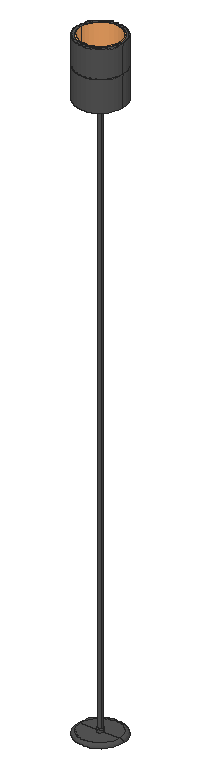
Revit family "MELO CYLINDER PENDANT LIGHT", category Lighting Fixtures, host Face, Revit 2020 (continued)
Types (16): name | Wattage_Input | Wattage Comments | Wattage | Voltage_Input | Size 08 | Size 06 | Size 04 | Selectable Wattage | Photometric Web File | Pendent Rod Length_1 | Pendent | Order number | built-in parameter 1150142 | Model | built-in parameter 1150105 | Lumens | built-in parameter 1150106 | Fixture Diameter | Canopy for Surface Mount J-box | Canopy for Recessed J-Box | Canopy Height | C2 H | C1 H | BEAMING ANGLE
  MELO06R-SP30801-10D-15-GD-BK | 40 W | "40W/30W/20W" | 28.2748 W | 0 V | no | yes | no | 40 W | "MELO06R_SP30801_10D_15.IES" | 4' - 0" | yes | "17294" | "IESNA:LM-63-2002\r\n[TEST] \r\n[TESTLAB] EVERFINE\r\n[TESTDATE] 2023-03-20\r\n[ISSUEDATE] 2023-03-20 10:19:03\r\n[NEARFIELD] \r\n[LAMPPOSITION] 0,0\r\n[OTHER] EVERFINE GO-2000B_V1 SYSTEM\r\n[MANUFAC] Aboveall lighting\r\n[LUMINAIRE] MELO06R-SP30801-10D-15\r\n[OTHER] \r\n[OTHER] Gamma(deg)    Fz(lm)      Ft(lm)     %Lum    %Lamp\r\n[OTHER]   0- 10      2083.92     2083.92    42.93    42.93\r\n[OTHER]  10- 20      1719.16     3803.08    78.34    78.34\r\n[OTHER]  20- 30       698.88     4501.95    92.74    92.74\r\n[OTHER]  30- 40       215.30     4717.25    97.17    97.17\r\n[OTHER]  40- 50        70.07     4787.32    98.62    98.62\r\n[OTHER]  50- 60        24.62     4811.95    99.13    99.13\r\n[OTHER]  60- 70        17.15     4829.09    99.48    99.48\r\n[OTHER]  70- 80         9.21     4838.30    99.67    99.67\r\n[OTHER]  80- 90         2.52     4840.82    99.72    99.72\r\n[OTHER]  90-100         0.12     4840.94    99.72    99.72\r\n[OTHER] 100-110         0.14     4841.08    99.73    99.73\r\n[OTHER] 110-120         0.18     4841.26    99.73    99.73\r\n[OTHER] 120-130         0.28     4841.55    99.74    99.74\r\n[OTHER] 130-140         0.57     4842.12    99.75    99.75\r\n[OTHER] 140-150         1.43     4843.54    99.78    99.78\r\n[OTHER] 150-160         3.50     4847.04    99.85    99.85\r\n[OTHER] 160-170         5.19     4852.24    99.96    99.96\r\n[OTHER] 170-180         2.16     4854.39   100.00   100.00\r\n[OTHER] \r\nTILT=NONE\r\n1 -1 1 181 25 1 2 -0.150 -0.150 0.000\r\n1.000 1 45.5\r\n0.0    1.0    2.0    3.0    4.0    5.0    6.0    7.0    8.0    9.0    \r\n 10.0   11.0   12.0   13.0   14.0   15.0   16.0   17.0   18.0   19.0   \r\n 20.0   21.0   22.0   23.0   24.0   25.0   26.0   27.0   28.0   29.0   \r\n 30.0   31.0   32.0   33.0   34.0   35.0   36.0   37.0   38.0   39.0   \r\n 40.0   41.0   42.0   43.0   44.0   45.0   46.0   47.0   48.0   49.0   \r\n 50.0   51.0   52.0   53.0   54.0   55.0   56.0   57.0   58.0   59.0   \r\n 60.0   61.0   62.0   63.0   64.0   65.0   66.0   67.0   68.0   69.0   \r\n 70.0   71.0   72.0   73.0   74.0   75.0   76.0   77.0   78.0   79.0   \r\n 80.0   81.0   82.0   83.0   84.0   85.0   86.0   87.0   88.0   89.0   \r\n 90.0   91.0   92.0   93.0   94.0   95.0   96.0   97.0   98.0   99.0   \r\n 100.0  101.0  102.0  103.0  104.0  105.0  106.0  107.0  108.0  109.0  \r\n 110.0  111.0  112.0  113.0  114.0  115.0  116.0  117.0  118.0  119.0  \r\n 120.0  121.0  122.0  123.0  124.0  125.0  126.0  127.0  128.0  129.0  \r\n 130.0  131.0  132.0  133.0  134.0  135.0  136.0  137.0  138.0  139.0  \r\n 140.0  141.0  142.0  143.0  144.0  145.0  146.0  147.0  148.0  149.0  \r\n 150.0  151.0  152.0  153.0  154.0  155.0  156.0  157.0  158.0  159.0  \r\n 160.0  161.0  162.0  163.0  164.0  165.0  166.0  167.0  168.0  169.0  \r\n 170.0  171.0  172.0  173.0  174.0  175.0  176.0  177.0  178.0  179.0  \r\n 180.0  \r\n0.0    15.0   30.0   45.0   60.0   75.0   90.0   105.0  120.0  135.0  \r\n 150.0  165.0  180.0  195.0  210.0  225.0  240.0  255.0  270.0  285.0  \r\n 300.0  315.0  330.0  345.0  360.0  \r\n38234.67 38114.89 37489.07 35923.20 32838.69 28625.16 24532.05 21013.32 17677.25 15068.78 \r\n 13056.17 11050.42 9466.94  8107.19  6994.70  6074.86  5312.07  4630.71  4030.45  3503.31  \r\n 3029.99  2608.86  2231.92  1896.27  1605.63  1374.46  1143.91  964.75   817.01   698.55   \r\n 604.07   529.26   466.39   414.40   369.82   331.03   294.24   262.92   231.84   202.46   \r\n 179.16   159.29   138.31   117.31   100.31   85.56    73.61    63.86    55.48    48.03    \r\n 41.03    34.75    32.00    30.33    29.31    28.13    26.92    25.75    24.78    23.83    \r\n 23.00    22.12    21.15    20.17    19.18    18.19    17.23    16.26    15.31    14.38    \r\n 13.45    12.54    11.64    10.81    9.98     9.18     8.41     7.65     6.92     6.23     \r\n 5.54     4.88     4.25     3.64     3.05     2.48     1.92     1.39     0.86     0.36     \r\n 0.13     0.12     0.12     0.12     0.12     0.12     0.12     0.12     0.12     0.13     \r\n 0.15     0.16     0.16     0.16     0.16     0.16     0.16     0.16     0.16     0.16     \r\n 0.16     0.16     0.16     0.16     0.16     0.17     0.18     0.19     0.20     0.21     \r\n 0.21     0.22     0.24     0.30     0.31     0.31     0.32     0.37     0.37     0.41     \r\n 0.45     0.48     0.52     0.58     0.65     0.69     0.78     0.86     0.96     1.08     \r\n 1.20     1.36     1.53     1.70     1.92     2.16     2.44     2.73     3.09     3.48     \r\n 3.94     4.42     4.97     5.64     6.35     7.21     8.10     9.10     10.20    11.39    \r\n 12.62    13.87    15.13    16.32    17.47    18.57    19.52    20.38    21.10    21.68    \r\n 22.12    22.41    22.57    22.61    22.51    22.38    22.24    22.09    21.97    21.84    \r\n 21.74    \r\n38113.23 38071.42 37507.72 36106.22 33284.03 29176.35 25073.32 21447.74 18098.60 15347.97 \r\n 13104.83 11258.26 9651.67  8287.83  7160.34  6236.77  5466.06  4765.40  4169.55  3631.16  \r\n 3174.24  2717.90  2334.26  1983.22  1674.33  1410.19  1181.98  993.44   839.06   714.06   \r\n 614.47   535.72   471.02   417.84   373.28   333.30   297.74   262.23   231.63   202.20   \r\n 178.30   158.57   136.51   117.59   100.55   85.83    73.65    64.07    55.91    48.37    \r\n 41.82    35.21    32.15    30.36    29.29    28.17    26.95    25.76    24.74    23.83    \r\n 23.00    22.10    21.12    20.15    19.14    18.18    17.20    16.25    15.32    14.40    \r\n 13.48    12.60    11.72    10.87    10.05    9.25     8.47     7.72     6.98     6.31     \r\n 5.62     4.96     4.31     3.71     3.10     2.53     1.98     1.43     0.91     0.40     \r\n 0.09     0.09     0.09     0.09     0.10     0.10     0.10     0.11     0.11     0.11     \r\n 0.12     0.12     0.13     0.13     0.13     0.14     0.14     0.14     0.14     0.14     \r\n 0.15     0.15     0.15     0.17     0.17     0.18     0.19     0.20     0.21     0.22     \r\n 0.23     0.25     0.26     0.28     0.29     0.31     0.33     0.36     0.40     0.42     \r\n 0.45     0.49     0.54     0.58     0.64     0.71     0.79     0.87     0.97     1.08     \r\n 1.21     1.36     1.52     1.71     1.91     2.14     2.41     2.71     3.05     3.42     \r\n 3.86     4.33     4.90     5.52     6.24     7.00     7.94     8.93     10.03    11.19    \r\n 12.40    13.67    14.92    16.13    17.29    18.33    19.31    20.19    20.93    21.55    \r\n 22.03    22.38    22.59    22.63    22.58    22.49    22.26    22.08    21.91    21.80    \r\n 21.74    \r\n38037.67 37932.43 37297.51 35824.07 32796.05 28647.72 24657.01 21144.16 17697.27 15073.62 \r\n 13068.38 11070.24 9505.13  8172.79  7086.39  6178.54  5421.02  4744.88  4151.23  3624.64  \r\n 3147.59  2721.72  2333.01  1983.64  1675.96  1409.08  1198.87  989.24   831.90   707.33   \r\n 608.70   530.99   466.41   414.05   370.02   330.73   293.77   262.15   230.00   201.37   \r\n 178.48   158.87   138.26   117.64   100.92   86.30    74.17    64.31    55.80    48.16    \r\n 41.27    34.84    32.07    30.43    29.46    28.29    26.95    25.68    24.63    23.70    \r\n 22.83    21.91    20.94    19.96    18.97    17.98    17.01    16.06    15.13    14.20    \r\n 13.29    12.38    11.51    10.71    9.88     9.08     8.32     7.58     6.86     6.19     \r\n 5.51     4.86     4.24     3.63     3.05     2.48     1.92     1.40     0.88     0.39     \r\n 0.13     0.13     0.13     0.13     0.13     0.13     0.13     0.13     0.13     0.13     \r\n 0.13     0.13     0.13     0.14     0.14     0.14     0.14     0.14     0.14     0.14     \r\n 0.14     0.14     0.14     0.15     0.16     0.17     0.20     0.23     0.24     0.24     \r\n 0.24     0.24     0.24     0.29     0.31     0.30     0.31     0.38     0.38     0.39     \r\n 0.43     0.46     0.54     0.57     0.63     0.69     0.77     0.86     0.98     1.11     \r\n 1.21     1.37     1.55     1.72     1.93     2.18     2.45     2.74     3.11     3.48     \r\n 3.94     4.42     4.95     5.61     6.30     7.13     8.01     8.99     10.08    11.23    \r\n 12.48    13.69    14.95    16.17    17.32    18.42    19.39    20.25    20.99    21.58    \r\n 22.05    22.33    22.46    22.48    22.48    22.40    22.28    22.13    21.99    21.84    \r\n 21.74    \r\n37782.44 37875.28 37335.61 36033.06 33392.26 29361.89 25335.73 21740.00 18324.44 15477.06 \r\n 13255.03 11402.40 9801.04  8444.69  7313.90  6389.35  5614.00  4919.53  4331.68  3796.08  \r\n 3336.12  2876.63  2478.11  2111.68  1783.26  1498.12  1251.44  1046.08  877.32   741.83   \r\n 634.10   550.32   482.12   425.76   380.06   338.80   302.39   266.02   235.18   204.69   \r\n 180.57   160.93   139.50   120.46   103.57   88.70    76.10    65.92    57.18    49.11    \r\n 42.78    35.75    32.27    30.28    29.15    28.05    26.82    25.63    24.63    23.62    \r\n 22.81    21.89    20.91    19.93    18.92    17.96    16.99    16.05    15.12    14.21    \r\n 13.32    12.43    11.58    10.74    9.96     9.15     8.40     7.66     6.94     6.27     \r\n 5.60     4.95     4.31     3.71     3.13     2.56     2.01     1.48     0.96     0.46     \r\n 0.10     0.09     0.09     0.10     0.10     0.10     0.11     0.11     0.11     0.11     \r\n 0.12     0.13     0.12     0.13     0.13     0.14     0.14     0.14     0.14     0.15     \r\n 0.15     0.16     0.16     0.17     0.18     0.18     0.19     0.21     0.20     0.21     \r\n 0.23     0.24     0.26     0.27     0.28     0.30     0.33     0.35     0.38     0.41     \r\n 0.44     0.48     0.52     0.57     0.63     0.70     0.77     0.86     0.96     1.07     \r\n 1.20     1.35     1.51     1.69     1.89     2.13     2.38     2.67     2.99     3.36     \r\n 3.78     4.23     4.78     5.37     6.06     6.81     7.72     8.68     9.74     10.88    \r\n 12.08    13.33    14.57    15.79    16.97    18.01    19.02    19.91    20.67    21.31    \r\n 21.83    22.20    22.44    22.58    22.58    22.53    22.39    22.24    22.06    21.87    \r\n 21.74    \r\n37747.62 37679.59 36929.42 35320.58 32184.73 28026.09 23915.21 20433.20 17125.29 14609.57 \r\n 12679.25 10755.64 9237.77  7966.43  6929.46  6061.07  5329.69  4682.90  4113.03  3603.12  \r\n 3138.91  2720.22  2337.68  1990.72  1680.73  1411.95  1200.18  989.00   830.53   703.14   \r\n 602.75   524.71   459.36   406.74   361.54   322.54   286.30   255.39   223.15   194.73   \r\n 172.20   152.64   130.03   112.34   96.59    82.95    71.55    62.09    53.82    46.45    \r\n 39.87    34.11    31.38    29.68    28.69    27.54    26.35    25.11    24.09    23.13    \r\n 22.34    21.43    20.48    19.48    18.49    17.51    16.55    15.61    14.68    13.75    \r\n 12.88    12.02    11.18    10.36    9.57     8.82     8.08     7.35     6.65     6.00     \r\n 5.34     4.70     4.09     3.50     2.93     2.38     1.84     1.34     0.83     0.35     \r\n 0.14     0.12     0.12     0.12     0.12     0.12     0.12     0.12     0.12     0.13     \r\n 0.15     0.16     0.16     0.16     0.16     0.16     0.16     0.16     0.16     0.16     \r\n 0.16     0.16     0.16     0.16     0.16     0.17     0.18     0.19     0.21     0.22     \r\n 0.21     0.22     0.23     0.24     0.28     0.28     0.31     0.34     0.36     0.39     \r\n 0.44     0.46     0.51     0.57     0.62     0.69     0.76     0.86     0.96     1.07     \r\n 1.21     1.36     1.54     1.71     1.92     2.17     2.44     2.74     3.09     3.47     \r\n 3.93     4.41     4.93     5.59     6.28     7.10     7.97     8.94     10.02    11.18    \r\n 12.41    13.65    14.89    16.08    17.24    18.34    19.27    20.12    20.84    21.43    \r\n 21.91    22.26    22.49    22.62    22.64    22.63    22.48    22.28    22.02    21.78    \r\n 21.74    \r\n37645.30 37545.63 36719.34 34970.27 31634.23 27570.05 23511.50 20030.19 16839.67 14340.20 \r\n 12272.49 10543.58 9063.37  7801.98  6781.86  5937.73  5223.44  4579.54  4026.32  3526.58  \r\n 3092.20  2658.30  2285.11  1942.38  1639.05  1379.95  1156.20  969.71   815.96   692.60   \r\n 594.55   517.50   453.84   401.83   357.17   318.01   283.32   248.65   217.04   189.63   \r\n 167.53   147.73   126.42   109.15   93.90    80.76    69.72    60.61    52.30    45.14    \r\n 38.44    33.20    30.76    29.19    28.21    27.04    25.86    24.73    23.75    22.83    \r\n 22.04    21.09    20.12    19.14    18.15    17.20    16.25    15.34    14.43    13.54    \r\n 12.67    11.82    11.00    10.19    9.43     8.65     7.93     7.23     6.53     5.88     \r\n 5.22     4.59     3.99     3.41     2.84     2.29     1.77     1.25     0.76     0.28     \r\n 0.10     0.10     0.10     0.10     0.10     0.10     0.11     0.11     0.11     0.11     \r\n 0.11     0.12     0.13     0.13     0.13     0.13     0.14     0.14     0.14     0.15     \r\n 0.16     0.17     0.18     0.17     0.18     0.18     0.19     0.20     0.20     0.22     \r\n 0.23     0.24     0.26     0.27     0.29     0.31     0.34     0.36     0.38     0.42     \r\n 0.44     0.49     0.53     0.58     0.64     0.70     0.78     0.86     0.97     1.08     \r\n 1.21     1.36     1.52     1.71     1.91     2.14     2.41     2.71     3.05     3.43     \r\n 3.86     4.34     4.90     5.52     6.23     7.02     7.96     8.94     10.05    11.20    \r\n 12.41    13.67    14.91    16.13    17.27    18.30    19.24    20.10    20.84    21.46    \r\n 21.96    22.32    22.52    22.56    22.48    22.34    22.12    21.82    21.55    21.34    \r\n 21.74    \r\n38836.18 38651.51 37841.63 36124.70 32747.59 28508.50 24278.05 20735.50 17381.10 14779.96 \r\n 12611.93 10802.86 9263.93  7979.89  6930.03  6065.73  5319.70  4668.85  4102.05  3590.22  \r\n 3146.03  2702.48  2319.55  1973.03  1671.97  1404.34  1183.76  994.16   840.74   712.86   \r\n 613.73   534.35   468.93   416.15   369.71   328.82   293.19   257.59   224.61   196.84   \r\n 173.79   153.03   131.09   113.04   97.11    83.46    71.97    62.35    53.61    46.25    \r\n 38.96    33.78    31.35    29.85    28.86    27.64    26.43    25.30    24.35    23.45    \r\n 22.62    21.63    20.65    19.65    18.63    17.64    16.66    15.73    14.81    13.88    \r\n 12.98    12.12    11.26    10.45    9.64     8.86     8.12     7.38     6.67     6.00     \r\n 5.34     4.69     4.07     3.47     2.90     2.33     1.78     1.26     0.76     0.27     \r\n 0.10     0.10     0.10     0.10     0.10     0.10     0.11     0.11     0.11     0.12     \r\n 0.11     0.12     0.12     0.13     0.13     0.14     0.14     0.14     0.15     0.15     \r\n 0.16     0.15     0.16     0.18     0.18     0.18     0.20     0.21     0.21     0.22     \r\n 0.24     0.25     0.27     0.28     0.29     0.32     0.34     0.37     0.40     0.43     \r\n 0.46     0.50     0.55     0.59     0.65     0.72     0.79     0.89     1.00     1.11     \r\n 1.24     1.41     1.58     1.77     2.00     2.26     2.55     2.88     3.24     3.67     \r\n 4.12     4.66     5.26     5.95     6.72     7.65     8.64     9.74     10.98    12.26    \r\n 13.64    15.05    16.45    17.80    19.07    20.18    21.16    21.99    22.66    23.14    \r\n 23.46    23.62    23.60    23.50    23.28    23.03    22.75    22.43    22.16    21.98    \r\n 21.74    \r\n38709.26 38456.86 37527.09 35515.50 31880.49 27581.20 23686.79 20088.20 16844.48 14266.68 \r\n 12336.46 10411.94 8937.97  7701.98  6697.92  5853.75  5135.59  4504.65  3945.94  3440.53  \r\n 2987.28  2577.75  2212.31  1885.80  1601.94  1374.87  1148.25  970.18   822.68   698.29   \r\n 603.35   524.61   461.94   410.04   364.61   323.22   286.92   254.86   222.75   195.97   \r\n 173.63   151.63   129.89   112.26   96.53    82.67    71.12    61.22    51.72    44.62    \r\n 36.92    32.61    30.41    29.17    28.15    26.92    25.74    24.73    23.81    23.07    \r\n 22.25    21.29    20.31    19.32    18.32    17.34    16.37    15.44    14.51    13.61    \r\n 12.70    11.85    11.01    10.21    9.41     8.66     7.90     7.19     6.49     5.83     \r\n 5.17     4.55     3.94     3.34     2.78     2.22     1.70     1.18     0.65     0.22     \r\n 0.12     0.12     0.12     0.12     0.12     0.12     0.12     0.11     0.11     0.11    
